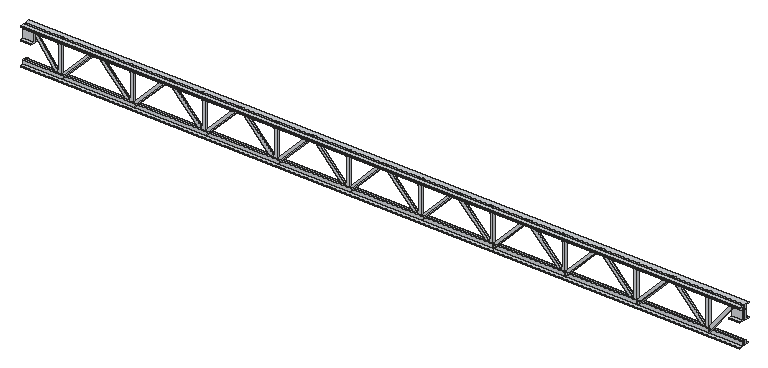
Revit family
Parameters (values of type "508BG")
  웹 두께 = 25 mm
  수직 부재 가시성 = yes
  시작 간격띄우기 [instance] = 0 mm
  상단 현재 시작 확장 [instance] = 0 mm
  SpaceNum [instance] = 2 * HalfSpaceNum  # 20
  좌석 길이 = 150 mm
  좌석 깊이 [instance] = 190 mm
  렌더링 재료 = none
  PanelWidth [instance] = Length / SpaceNum  # 500 mm
  PanelArrayNum 2 [instance] = 절반 패널 배열 번호 - 1  # 8
  PanelArrayNum 1 [instance] = 절반 패널 배열 번호  # 9
  PanelArrayNum [instance] = SpaceNum - 3  # 17
  Panel Point Load [instance] = 18.00 kN
  간격띄우기 길이 2 [instance] = 끝 패널 - 끝 간격띄우기 + 하단 현재 끝 확장  # 500 mm
  간격띄우기 길이 1 [instance] = 끝 패널 - 시작 간격띄우기 + 하단 현재 시작 확장  # 500 mm
  HalfSpaceNum [instance] = 10
  Girder Type = "BG"
  Depth = 508 mm
  하단 현재 시작 확장 [instance] = 0 mm
  하단 현재 끝 확장 [instance] = 0 mm
  절반 패널 배열 번호 [instance] = PanelArrayNum / 2  # 9
  끝 패널 [instance] = PanelWidth  # 500 mm
  끝 간격띄우기 [instance] = 0 mm
  상단 현재 끝 확장 [instance] = 0 mm
  현재 다리 = 63.5 mm
  현재 두께 = 12.5 mm
  Assembly Code = "B1010350"
  Length [instance] = 10000 mm
Reference planes
  plane 1 "중심(앞/뒤)": y = 0
  plane 2: z = 0
  plane 3 "중심(왼쪽/오른쪽)": x = 458.446
  plane 4 "왼쪽 부재": x = -3551.39
  plane 5 "오른쪽 부재": x = 3560.61
  plane 6: y = 76
  plane 7: y = -76
  plane 8: z = 254
  plane 9: z = -254
  plane 10 "왼쪽": x = -4541.554
  plane 11 "기호를 왼쪽에 부착": x = -3500.59
  plane 12 "기호를 오른쪽에 부착": x = 3509.81
  plane 13 "오른쪽": x = 5458.446
  plane 14: z = 64
  plane 15: x = -4391.554
  plane 16: x = -4041.554
  plane 17: x = 5308.446
  plane 18: x = 4958.446
  plane 19: y = 12.5
  plane 20: y = -12.5
  plane 21: z = 190.5
  plane 22: z = -190.5
  plane 23: z = -247.65
  plane 24: z = 247.65
  plane 25: x = -4541.554
  plane 26: x = 5458.446
  plane 27: x = -4541.554
  plane 28: x = 5458.446
  plane 29: x = 4458.446
  plane 30: x = 3958.446
  plane 31: x = -3541.554
  plane 32: x = -3041.554
  plane 33: x = -2541.554
  plane 34: x = -4541.554
  plane 35: x = 5458.446
Forms (mm)
  Extrusion 1, solid, material <- "렌더링 재료", detail levels medium+fine
    sketch origin (458.446, 0, 0) x (0, 1, 0) y (0, 0, 1)
      loop
        line (76, 254) -> (12.5, 254) -> (12.5, 190.5) -> (25, 190.5) -> (25, 241.5) -> (76, 241.5) -> (76, 254)
      loop
        line (-76, 254) -> (-76, 241.5) -> (-25, 241.5) -> (-25, 190.5) -> (-12.5, 190.5) -> (-12.5, 254) -> (-76, 254)
    from -5000 to 5000
  Extrusion 2, solid, material <- "렌더링 재료", detail levels medium+fine
    sketch origin (458.446, 0, 0) x (0, 1, 0) y (0, 0, 1)
      loop
        line (12.5, -190.5) -> (12.5, -254) -> (76, -254) -> (76, -241.5) -> (25, -241.5) -> (25, -190.5) -> (12.5, -190.5)
      loop
        line (-12.5, -190.5) -> (-25, -190.5) -> (-25, -241.5) -> (-76, -241.5) -> (-76, -254) -> (-12.5, -254) -> (-12.5, -190.5)
    from -5000 to 5000
  Extrusion 3, solid, material <- "렌더링 재료", detail levels medium+fine
    sketch origin (458.446, 0, 0) x (0, 1, 0) y (0, 0, 1)
      loop
        line (76, 64) -> (76, 76.5) -> (25, 76.5) -> (25, 190.5) -> (12.5, 190.5) -> (12.5, 64) -> (76, 64)
      loop
        line (-76, 64) -> (-12.5, 64) -> (-12.5, 190.5) -> (-25, 190.5) -> (-25, 76.5) -> (-76, 76.5) -> (-76, 64)
    from 4850 to 5000
  Extrusion 4, solid, material <- "렌더링 재료", detail levels medium+fine
    sketch origin (458.446, 0, 0) x (0, 1, 0) y (0, 0, 1)
      loop
        line (-76, 64) -> (-12.5, 64) -> (-12.5, 190.5) -> (-25, 190.5) -> (-25, 76.5) -> (-76, 76.5) -> (-76, 64)
      loop
        line (12.5, 64) -> (76, 64) -> (76, 76.5) -> (25, 76.5) -> (25, 190.5) -> (12.5, 190.5) -> (12.5, 64)
    from -5000 to -4850
  Sweep 5, solid, material <- "렌더링 재료", detail levels fine
    path in 3D
      loop
        line (4958.446, 0, -247.65) -> (5308.446, 0, 190.5)
    profile "웹-프로파일 : 웹-프로파일" origin (5133.446, 0, -28.575) x (-0.781321, 0, 0.624129) y (0, -1, 0)
      loop
        line (-25.4, 18.85) -> (-25.4, 6.15) -> (25.4, 6.15) -> (25.4, 18.85) -> (-25.4, 18.85)
  Sweep 6, solid, material <- "렌더링 재료", detail levels fine
    path in 3D
      loop
        line (-4391.554, 0, 190.5) -> (-4041.554, 0, -247.65)
    profile "웹-프로파일 : 웹-프로파일" origin (-4216.554, 0, -28.575) x (0.781321, 0, 0.624129) y (0, -1, 0)
      loop
        line (-25.4, 6.35) -> (-25.4, -6.35) -> (25.4, -6.35) -> (25.4, 6.35) -> (-25.4, 6.35)
Lines and regions (mm)
  symbolic lines, style "StructuralFraming", detail levels coarse
    curve 1: line (0, 76, 254) -> (0, 12.5, 254)
    curve 2: line (0, -76, -254) -> (0, -12.5, -254)
    curve 12: line (0, 12.5, -254) -> (0, 76, -254)
    curve 13: line (458.446, 12.5, -254) -> (458.446, 12.5, -190.5)
    curve 14: line (458.446, -12.5, -254) -> (458.446, -12.5, -190.5)
    curve 15: line (458.446, -12.5, 254) -> (458.446, -12.5, 190.5)
    curve 16: line (458.446, 12.5, 254) -> (458.446, 12.5, 190.5)
    curve 17: line (0, -12.5, 254) -> (0, -76, 254)
  symbolic lines, style "StructuralFraming", detail levels coarse+medium
    curve 3: line (0, 0, -254) -> (0, 0, 254)
  reference lines
    curve 4: line (-3350.59, 0, -377.508) -> (-3350.59, 0, 333.692)
    curve 5: line (-2850.59, 0, -383.858) -> (-2850.59, 0, 333.692)
    curve 6: line (3359.81, 0, -324.588) -> (3359.81, 0, 335.812)
    curve 7: line (2859.81, 0, -451.588) -> (2859.81, 0, 335.812)
  model lines, style "조이스트 대들보", detail levels coarse
    curve 8: line (2859.81, 0, -254) -> (-2850.59, 0, -254)
    curve 9: line (3509.81, 0, 254) -> (-3500.59, 0, 254)
  model lines, style "StructuralFraming", detail levels medium
    curve 10: line (-4391.554, 0, 190.5) -> (-4041.554, 0, -247.65)
    curve 11: line (4958.446, 0, -247.65) -> (5308.446, 0, 190.5)
  model lines, style "웹 조이스트", detail levels coarse
    curve 18: line (-2850.59, 0, -254) -> (-3350.59, 0, 254)
    curve 19: line (2859.81, 0, -254) -> (3359.81, 0, 254)
  sketch lines
    curve 20: line (4958.446, 0, -247.65) -> (5308.446, 0, 190.5)
    curve 21: line (-4391.554, 0, 190.5) -> (-4041.554, 0, -247.65)
  symbolic lines, detail levels fine
    curve 22: line (458.446, 12.5, 247.65) -> (458.446, -12.5, 247.65)
    curve 23: line (458.446, 12.5, -247.65) -> (458.446, -12.5, -247.65)
    curve 24: line (458.446, 12.5, -190.5) -> (458.446, 12.5, 190.5)
    curve 25: line (458.446, -12.5, -190.5) -> (458.446, -12.5, 190.5)
Dimensions and locks
  equal spacing: plane 9, plane 2, plane 8
  "Length": plane 10 "왼쪽" to plane 13 "오른쪽"
  equal spacing: plane 10 "왼쪽", plane 3 "중심(왼쪽/오른쪽)", plane 13 "오른쪽"
  "좌석 길이": curve 4 to plane 11 "기호를 왼쪽에 부착"
  "끝 패널": curve 5 to curve 4
  "좌석 길이": curve 6 to plane 12 "기호를 오른쪽에 부착"
  "끝 패널": curve 6 to curve 7
  "Depth": plane 9 to plane 8
  "좌석 깊이": plane 8 to plane 14
  "끝 패널": plane 10 "왼쪽" to plane 16
  "끝 패널": plane 13 "오른쪽" to plane 18
  "웹 두께": plane 19 to plane 20
  equal spacing: plane 19, plane 1 "중심(앞/뒤)", plane 20
  "현재 다리": plane 20 to plane 7
  "현재 다리": plane 6 to plane 19
  "현재 다리": plane 9 to plane 22
  "현재 다리": plane 21 to plane 8
  "현재 두께": plane 8 to Extrusion 1 sketch curve
  "현재 두께": Extrusion 1 sketch curve to plane 8
  "현재 두께": plane 20 to Extrusion 1 sketch curve
  "현재 두께": Extrusion 1 sketch curve to plane 19
  "현재 두께": plane 9 to Extrusion 2 sketch curve  (x2)
  "현재 두께": Extrusion 2 sketch curve to plane 19
  "현재 두께": plane 20 to Extrusion 2 sketch curve
  "현재 두께": plane 14 to Extrusion 3 sketch curve  (x2)
  "현재 두께": plane 20 to Extrusion 3 sketch curve
  "현재 두께": Extrusion 3 sketch curve to plane 19
  "현재 두께": plane 14 to Extrusion 4 sketch curve  (x2)
  "현재 두께": Extrusion 4 sketch curve to plane 19
  "현재 두께": plane 20 to Extrusion 4 sketch curve
  locked: plane 23 to plane 9 at 6.35
  locked: plane 8 to plane 24 at 6.35
  "시작 간격띄우기": plane 10 "왼쪽" to plane 27
  "좌석 길이": plane 27 to plane 15
  "상단 현재 시작 확장": plane 25 to plane 27
  "끝 간격띄우기": plane 28 to plane 13 "오른쪽"
  "좌석 길이": plane 17 to plane 28
  "상단 현재 끝 확장": plane 28 to plane 26
  "PanelWidth": plane 18 to plane 29
  "PanelWidth": plane 29 to plane 30
  "PanelWidth": plane 16 to plane 31
  "PanelWidth": plane 32 to plane 31
  "PanelWidth": plane 33 to plane 32
  equal spacing: group 1, group 2, group 5, group 6, group 7, group 8, group 9, group 10, group 11  (x3)
  equal spacing: group 3, group 4, group 12, group 13, group 14, group 15, group 16, group 17  (x3)
  "간격띄우기 길이 1": plane 16 to plane 34
  "간격띄우기 길이 2": plane 35 to plane 18
  aligned and locked: curve 8 to plane 9
  aligned and locked: curve 9 to plane 8
  aligned and locked: plane 11 "기호를 왼쪽에 부착" to curve 9
  aligned and locked: curve 5 to curve 8
  aligned and locked: curve 7 to curve 8
  aligned and locked: plane 8 to Extrusion 1 sketch curve
  aligned and locked: Extrusion 1 sketch curve to plane 8
  aligned and locked: plane 6 to Extrusion 1 sketch curve
  aligned and locked: plane 7 to Extrusion 1 sketch curve
  aligned and locked: Extrusion 1 sketch curve to plane 21
  aligned and locked: plane 21 to Extrusion 1 sketch curve
  aligned and locked: plane 9 to Extrusion 2 sketch curve
  aligned and locked: Extrusion 2 sketch curve to plane 9
  aligned and locked: plane 6 to Extrusion 2 sketch curve
  aligned and locked: plane 7 to Extrusion 2 sketch curve
  aligned and locked: plane 19 to Extrusion 2 sketch curve
  aligned and locked: plane 20 to Extrusion 2 sketch curve
  aligned and locked: Extrusion 2 sketch curve to plane 22
  aligned and locked: plane 22 to Extrusion 2 sketch curve
  aligned and locked: Extrusion 3 sketch curve to plane 7
  aligned and locked: plane 14 to Extrusion 3 sketch curve
  aligned and locked: Extrusion 3 sketch curve to plane 14
  aligned and locked: Extrusion 3 sketch curve to plane 6
  aligned and locked: Extrusion 3 sketch curve to plane 20
  aligned and locked: Extrusion 3 sketch curve to plane 19
  aligned and locked: Extrusion 3 sketch curve to plane 21
  aligned and locked: plane 21 to Extrusion 3 sketch curve
  aligned and locked: Extrusion 3 to plane 17
  aligned and locked: plane 6 to Extrusion 4 sketch curve
  aligned and locked: Extrusion 4 sketch curve to plane 7
  aligned and locked: Extrusion 4 sketch curve to plane 19
  aligned and locked: plane 20 to Extrusion 4 sketch curve
  aligned and locked: plane 21 to Extrusion 4 sketch curve  (x2)
  aligned and locked: Extrusion 4 sketch curve to plane 14  (x2)
  aligned and locked: plane 15 to Extrusion 4
  aligned and locked: Extrusion 2 to curve 13
  aligned and locked: curve 13 to Extrusion 2
  aligned and locked: curve 2 to curve 14
  aligned and locked: curve 14 to Extrusion 2
  aligned and locked: Extrusion 1 to curve 15
  aligned and locked: curve 15 to Extrusion 1
  aligned and locked: curve 16 to Extrusion 1  (x2)
  aligned and locked: curve 1 to Extrusion 1
  aligned and locked: plane 12 "기호를 오른쪽에 부착" to curve 9
  aligned and locked: curve 11 to Extrusion 3
  aligned and locked: curve 4 to curve 18
  aligned and locked: curve 6 to curve 19
  aligned and locked: plane 25 to Extrusion 1
  aligned and locked: Extrusion 3 to plane 26
  aligned and locked: Extrusion 1 to plane 26
  aligned and locked: plane 25 to Extrusion 4
  aligned and locked: plane 15 to curve 10
  aligned and locked: Extrusion 1 to curve 10
  aligned and locked: plane 17 to curve 11
  aligned and locked: plane 16 to curve 10
  aligned and locked: plane 23 to curve 10
  aligned and locked: nested 1 to plane 16
  aligned and locked: plane 1 "중심(앞/뒤)" to nested 1
  aligned and locked: nested 2 to plane 31
  aligned and locked: plane 9 to nested 2
  aligned and locked: nested 2 to plane 1 "중심(앞/뒤)"
  aligned and locked: plane 18 to curve 11
  aligned and locked: plane 23 to curve 11
  aligned and locked: nested 1 to plane 8
  aligned and locked: nested 3 to plane 8
  aligned and locked: plane 32 to nested 3
  aligned and locked: nested 4 to plane 8
  aligned and locked: plane 33 to nested 4
  aligned and locked: Extrusion 2 to plane 34
  aligned and locked: plane 35 to Extrusion 2
  aligned and locked: nested 18 to plane 1 "중심(앞/뒤)"
  aligned and locked: plane 29 to nested 18
  aligned and locked: nested 18 to plane 8
Automatic sketch dimensions
  Extrusion 1 sketch curve to plane 20 = 0 mm
  Extrusion 1 sketch curve to plane 19 = 0 mm
  curve 12 to plane 6 = 0 mm
  curve 1 to plane 6 = 0 mm
  curve 12 to plane 9 = 0 mm
  curve 12 to plane 19 = 0 mm
  curve 1 to plane 19 = 0 mm
  curve 17 to plane 8 = 0 mm
  curve 17 to plane 20 = 0 mm
  curve 17 to plane 7 = 0 mm
  plane 9 to curve 7 = 197.588 mm
  plane 9 to curve 5 = 129.858 mm
  plane 9 to curve 4 = 123.508 mm
  plane 9 to curve 6 = 70.588 mm
  curve 5 to plane 8 = 79.692 mm
  curve 4 to plane 8 = 79.692 mm
  curve 7 to plane 8 = 81.812 mm
  curve 6 to plane 8 = 81.812 mm
  curve 2 to plane 7 = 0 mm
  curve 2 to plane 9 = 0 mm
  curve 2 to plane 20 = 0 mm
  curve 3 to plane 1 "중심(앞/뒤)" = 0 mm
  curve 3 to plane 9 = 0 mm
  curve 23 to plane 23 = 0 mm
  curve 25 to plane 22 = 0 mm
  curve 24 to plane 22 = 0 mm
  curve 16 to plane 21 = 0 mm
  curve 15 to plane 21 = 0 mm
  curve 22 to plane 24 = 0 mm
  curve 3 to plane 8 = 0 mm
Nested families
  nested 1: "BG 경사 웨브 1" at (-4041.554, 0, 0), type "BG 경사 웨브 1"
    with 웹 두께 12.5 mm, 두께 25 mm, PanelHeight 508 mm, PanelWidth 500 mm
  nested 2: "BG 경사 웨브 2" at (-3041.554, 0, 0) x (-1, 0, 0) z (0, 0, 1), type "BG 경사 웨브 2"
    with 웹 두께 12.5 mm, 두께 25 mm, PanelHeight 508 mm, PanelWidth 500 mm
  nested 3: "BG 경사 웨브 1" at (-3041.554, 0, 0), type "BG 경사 웨브 1"
    with 웹 두께 12.5 mm, 두께 25 mm, PanelHeight 508 mm, PanelWidth 500 mm
  nested 4: "BG 경사 웨브 2" at (-2041.554, 0, 0) x (-1, 0, 0) z (0, 0, 1), type "BG 경사 웨브 2"
    with 웹 두께 12.5 mm, 두께 25 mm, PanelHeight 508 mm, PanelWidth 500 mm
  nested 5: "BG 경사 웨브 1" at (-2041.554, 0, 0), type "BG 경사 웨브 1"
    with 웹 두께 12.5 mm, 두께 25 mm, PanelHeight 508 mm, PanelWidth 500 mm
  nested 6: "BG 경사 웨브 1" at (-1041.554, 0, 0), type "BG 경사 웨브 1"
    with 웹 두께 12.5 mm, 두께 25 mm, PanelHeight 508 mm, PanelWidth 500 mm
  nested 7: "BG 경사 웨브 1" at (-41.554, 0, 0), type "BG 경사 웨브 1"
    with 웹 두께 12.5 mm, 두께 25 mm, PanelHeight 508 mm, PanelWidth 500 mm
  nested 8: "BG 경사 웨브 1" at (958.446, 0, 0), type "BG 경사 웨브 1"
    with 웹 두께 12.5 mm, 두께 25 mm, PanelHeight 508 mm, PanelWidth 500 mm
  nested 9: "BG 경사 웨브 1" at (1958.446, 0, 0), type "BG 경사 웨브 1"
    with 웹 두께 12.5 mm, 두께 25 mm, PanelHeight 508 mm, PanelWidth 500 mm
  nested 10: "BG 경사 웨브 1" at (2958.446, 0, 0), type "BG 경사 웨브 1"
    with 웹 두께 12.5 mm, 두께 25 mm, PanelHeight 508 mm, PanelWidth 500 mm
  nested 11: "BG 경사 웨브 1" at (3958.446, 0, 0), type "BG 경사 웨브 1"
    with 웹 두께 12.5 mm, 두께 25 mm, PanelHeight 508 mm, PanelWidth 500 mm
  nested 12: "BG 경사 웨브 2" at (-1041.554, 0, 0) x (-1, 0, 0) z (0, 0, 1), type "BG 경사 웨브 2"
    with 웹 두께 12.5 mm, 두께 25 mm, PanelHeight 508 mm, PanelWidth 500 mm
  nested 13: "BG 경사 웨브 2" at (-41.554, 0, 0) x (-1, 0, 0) z (0, 0, 1), type "BG 경사 웨브 2"
    with 웹 두께 12.5 mm, 두께 25 mm, PanelHeight 508 mm, PanelWidth 500 mm
  nested 14: "BG 경사 웨브 2" at (958.446, 0, 0) x (-1, 0, 0) z (0, 0, 1), type "BG 경사 웨브 2"
    with 웹 두께 12.5 mm, 두께 25 mm, PanelHeight 508 mm, PanelWidth 500 mm
  nested 15: "BG 경사 웨브 2" at (1958.446, 0, 0) x (-1, 0, 0) z (0, 0, 1), type "BG 경사 웨브 2"
    with 웹 두께 12.5 mm, 두께 25 mm, PanelHeight 508 mm, PanelWidth 500 mm
  nested 16: "BG 경사 웨브 2" at (2958.446, 0, 0) x (-1, 0, 0) z (0, 0, 1), type "BG 경사 웨브 2"
    with 웹 두께 12.5 mm, 두께 25 mm, PanelHeight 508 mm, PanelWidth 500 mm
  nested 17: "BG 경사 웨브 2" at (3958.446, 0, 0) x (-1, 0, 0) z (0, 0, 1), type "BG 경사 웨브 2"
    with 웹 두께 12.5 mm, 두께 25 mm, PanelHeight 508 mm, PanelWidth 500 mm
  nested 18: "BG 경사 웨브-오른쪽" at (4958.446, 0, 0) x (-1, 0, 0) z (0, 0, 1), type "BG 경사 웨브-오른쪽"
    with PanelWidth 500 mm
Definition of nested family "BG 경사 웨브 1"
  Parameters (values of type "BG 경사 웨브-오른쪽")
    웹 재료 = none
    웹 두께 = 두께 / 2  # 12.7 mm
    웹 간격띄우기 = 웹 다리 / 2  # 25.4 mm
    웹 다리 = 50.8 mm
    수직 부재 가시성 = yes
    두께 = 25.4 mm
    PanelHeight = 406.4 mm
    PanelWidth = 914.4 mm
    Assembly Code = ""
  Reference planes
    plane 1 "중심(앞/뒤)": y = 0
    plane 2: z = 0
    plane 3 "중심(왼쪽/오른쪽)": x = 0
    plane 4: x = 914.4
    plane 5: z = -203.2
    plane 6: z = -177.8
    plane 7: z = 177.8
    plane 8: z = 203.2
    plane 9: y = -12.7
    plane 10: y = 12.7
    plane 11: z = 139.7
    plane 12: z = -139.7
  Forms (mm)
    Sweep 1, solid, material <- "웹 재료", detail levels fine
      path in 3D
        loop
          line (0, 0, -177.8) -> (25.4, 0, -177.8) -> (889, 0, 177.8) -> (914.4, 0, 177.8)
      profile origin (12.7, 0, -177.8) x (0, 0, 1) y (0, -1, 0)
        loop
          line (25.4, 0) -> (25.4, 12.7) -> (-25.4, 12.7) -> (-25.4, 0) -> (25.4, 0)
    Sweep 2, solid, material <- "웹 재료", detail levels fine
      path in 3D
        loop
          line (113.463, -12.7, -169.008) -> (877.417, -12.7, 145.562)
      profile origin (495.44, -12.7, -11.723) x (-0.38075, 0, 0.924678) y (0, -1, 0)
        loop
          line (0, 0) -> (12.7, 0) -> (12.7, 38.1) -> (0, 38.1) -> (0, 0)
    Sweep 3, solid, material <- "웹 재료", visible <- "수직 부재 가시성", detail levels fine
      path origin (0, 0, 0) x (1, 0, 0) y (0, 1, 0)
        loop
          line (0, 12.7) -> (0, -12.7)
      profile origin (0, 0, 0) x (1, 0, 0) y (0, 0, 1)
        loop
          line (-25.4, 203.2) -> (-25.4, 120.65) -> (-14.287, 109.538) -> (-14.288, -109.538) -> (-25.4, -120.65) -> (-25.4, -203.2) -> (25.4, -203.2) -> (25.4, 203.2) -> (-25.4, 203.2)
  Cuts and joins
    joined: Sweep 1, Sweep 2
  Lines and regions (mm)
    model lines, style "InvisibleLines"
      curve 1: line (0, 0, -203.2) -> (0, 0, 203.2)
      curve 2: line (0, 0, 203.2) -> (914.4, 0, 203.2)
      curve 3: line (914.4, 0, 203.2) -> (914.4, 0, -203.2)
      curve 4: line (914.4, 0, -203.2) -> (0, 0, -203.2)
    model lines, style "StructuralFraming", detail levels medium
      curve 5: line (889, 0, 177.8) -> (914.4, 0, 177.8)
      curve 6: line (0, 0, -177.8) -> (25.4, 0, -177.8)
      curve 7: line (25.4, 0, -177.8) -> (889, 0, 177.8)
    sketch lines
      curve 8: line (0, 0, -177.8) -> (25.4, 0, -177.8)
      curve 9: line (25.4, 0, -177.8) -> (889, 0, 177.8)
      curve 10: line (889, 0, 177.8) -> (914.4, 0, 177.8)
      curve 11: line (113.463, -12.7, -169.008) -> (877.417, -12.7, 145.562)
    model lines, visible <- "수직 부재 가시성", detail levels medium
      curve 12: line (0, 0, 203.2) -> (0, 0, -203.2)
  Dimensions and locks
    plane 6 to plane 5 = 25.4 mm
    "두께": plane 8 to plane 7
    "PanelHeight": plane 8 to plane 5
    equal spacing: plane 8, plane 2, plane 5
    "두께": plane 10 to plane 9
    equal spacing: plane 10, plane 1 "중심(앞/뒤)", plane 9
    locked: plane 8 to plane 11 at 63.5
    plane 12 to plane 5 = 63.5 mm
    "웹 간격띄우기": plane 6 to plane 5
    "웹 간격띄우기": curve 6 to plane 3 "중심(왼쪽/오른쪽)"
    "웹 간격띄우기": curve 5 to plane 4
    "웹 다리": Sweep 1 sketch curve to Sweep 1 sketch curve
    equal spacing: Sweep 1 sketch curve, plane 6, Sweep 1 sketch curve
    "웹 다리": plane 1 "중심(앞/뒤)" to Sweep 2 sketch curve
    "웹 두께": Sweep 2 sketch curve to Sweep 2 sketch curve
    "PanelWidth": plane 4 to plane 3 "중심(왼쪽/오른쪽)"
    equal spacing: Sweep 3 sketch curve, plane 3 "중심(왼쪽/오른쪽)", Sweep 3 sketch curve
    "웹 다리": Sweep 3 sketch curve to Sweep 3 sketch curve  (x2)
    locked: Sweep 3 sketch curve to Sweep 3 sketch curve at 82.55  (x2)
    locked: Sweep 3 sketch curve to Sweep 3 sketch curve at 11.112
    equal spacing: Sweep 3 sketch curve, plane 2, Sweep 3 sketch curve
    locked: Sweep 3 sketch curve to Sweep 3 sketch curve (angle 45.00°)  (x2)
    aligned and locked: plane 7 to curve 5
    aligned and locked: plane 6 to curve 6
    aligned and locked: Sweep 1 sketch curve to plane 9
    aligned and locked: Sweep 1 sketch curve to plane 1 "중심(앞/뒤)"
    aligned and locked: Sweep 1 to curve 11
    aligned and locked: Sweep 2 sketch curve to profile plane
    aligned and locked: plane 9 to Sweep 2 sketch curve
    aligned and locked: plane 4 to curve 5
    aligned and locked: plane 4 to curve 3
    aligned and locked: plane 3 "중심(왼쪽/오른쪽)" to curve 1
    aligned and locked: curve 4 to plane 5
    aligned and locked: Sweep 3 sketch curve to plane 3 "중심(왼쪽/오른쪽)"
    aligned and locked: plane 10 to Sweep 3 sketch curve
    aligned and locked: plane 9 to Sweep 3 sketch curve
    aligned and locked: curve 12 to plane 3 "중심(왼쪽/오른쪽)"
    aligned and locked: plane 8 to curve 12
    aligned and locked: plane 5 to curve 12
    aligned and locked: Sweep 3 sketch curve to plane 8
    aligned and locked: Sweep 3 sketch curve to plane 5
Definition of nested family "BG 경사 웨브 2"
  Parameters (values of type "BG 경사 웨브")
    웹 재료 = none
    웹 두께 = 두께 / 2  # 12.7 mm
    웹 간격띄우기 = 웹 다리 / 2  # 25.4 mm
    웹 다리 = 50.8 mm
    두께 = 25.4 mm
    PanelHeight = 406.4 mm
    PanelWidth = 914.4 mm
    Assembly Code = ""
  Reference planes
    plane 1 "중심(앞/뒤)": y = 0
    plane 2: z = 0
    plane 3 "중심(왼쪽/오른쪽)": x = 0
    plane 4: x = 914.4
    plane 5: z = -203.2
    plane 6: z = -177.8
    plane 7: z = 177.8
    plane 8: z = 203.2
    plane 9: y = -12.7
    plane 10: y = 12.7
    plane 11: z = 139.7
    plane 12: z = -139.7
  Forms (mm)
    Sweep 1, solid, material <- "웹 재료", detail levels fine
      path in 3D
        loop
          line (0, 0, -177.8) -> (25.4, 0, -177.8) -> (889, 0, 177.8) -> (914.4, 0, 177.8)
      profile origin (12.7, 0, -177.8) x (0, 0, 1) y (0, -1, 0)
        loop
          line (25.4, 0) -> (25.4, 12.7) -> (-25.4, 12.7) -> (-25.4, 0) -> (25.4, 0)
    Sweep 2, solid, material <- "웹 재료", detail levels fine
      path in 3D
        loop
          line (113.463, -12.7, -169.008) -> (877.417, -12.7, 145.562)
      profile origin (495.44, -12.7, -11.723) x (-0.38075, 0, 0.924678) y (0, -1, 0)
        loop
          line (0, 0) -> (12.7, 0) -> (12.7, 38.1) -> (0, 38.1) -> (0, 0)
  Cuts and joins
    joined: Sweep 1, Sweep 2
  Lines and regions (mm)
    model lines, style "InvisibleLines"
      curve 1: line (0, 0, -203.2) -> (0, 0, 203.2)
      curve 2: line (0, 0, 203.2) -> (914.4, 0, 203.2)
      curve 3: line (914.4, 0, 203.2) -> (914.4, 0, -203.2)
      curve 4: line (914.4, 0, -203.2) -> (0, 0, -203.2)
    model lines, style "StructuralFraming", detail levels medium
      curve 5: line (889, 0, 177.8) -> (914.4, 0, 177.8)
      curve 6: line (0, 0, -177.8) -> (25.4, 0, -177.8)
      curve 7: line (25.4, 0, -177.8) -> (889, 0, 177.8)
    sketch lines
      curve 8: line (0, 0, -177.8) -> (25.4, 0, -177.8)
      curve 9: line (25.4, 0, -177.8) -> (889, 0, 177.8)
      curve 10: line (889, 0, 177.8) -> (914.4, 0, 177.8)
      curve 11: line (113.463, -12.7, -169.008) -> (877.417, -12.7, 145.562)
  Dimensions and locks
    plane 6 to plane 5 = 25.4 mm
    "두께": plane 8 to plane 7
    "PanelHeight": plane 8 to plane 5
    equal spacing: plane 8, plane 2, plane 5
    "두께": plane 10 to plane 9
    equal spacing: plane 10, plane 1 "중심(앞/뒤)", plane 9
    locked: plane 8 to plane 11 at 63.5
    plane 12 to plane 5 = 63.5 mm
    "웹 간격띄우기": plane 6 to plane 5
    "웹 간격띄우기": curve 6 to plane 3 "중심(왼쪽/오른쪽)"
    "웹 간격띄우기": curve 5 to plane 4
    "웹 다리": Sweep 1 sketch curve to Sweep 1 sketch curve
    equal spacing: Sweep 1 sketch curve, plane 6, Sweep 1 sketch curve
    "웹 다리": plane 1 "중심(앞/뒤)" to Sweep 2 sketch curve
    "웹 두께": Sweep 2 sketch curve to Sweep 2 sketch curve
    "PanelWidth": plane 4 to plane 3 "중심(왼쪽/오른쪽)"
    aligned and locked: plane 7 to curve 5
    aligned and locked: plane 6 to curve 6
    aligned and locked: plane 8 to curve 2
    aligned and locked: Sweep 1 sketch curve to plane 9
    aligned and locked: Sweep 1 sketch curve to plane 1 "중심(앞/뒤)"
    aligned and locked: Sweep 1 to curve 11
    aligned and locked: Sweep 2 sketch curve to profile plane
    aligned and locked: plane 9 to Sweep 2 sketch curve
    aligned and locked: plane 4 to curve 5
    aligned and locked: plane 4 to curve 3
    aligned and locked: plane 3 "중심(왼쪽/오른쪽)" to curve 1
    aligned and locked: curve 4 to plane 5
Definition of nested family "BG 경사 웨브-오른쪽"
  Parameters (values of type "BG 경사 웨브-오른쪽")
    웹 재료 = none
    웹 두께 = 두께 / 2  # 12.5 mm
    웹 간격띄우기 = 웹 다리 / 2  # 25.4 mm
    웹 다리 = 50.8 mm
    수직 부재 가시성 = yes
    두께 = 25 mm
    PanelHeight = 508 mm
    PanelWidth = 750 mm
    Assembly Code = ""
  Reference planes
    plane 1 "중심(앞/뒤)": y = 0
    plane 2: z = 0
    plane 3 "중심(왼쪽/오른쪽)": x = 0
    plane 4: x = 750
    plane 5: z = -254
    plane 6: z = -228.6
    plane 7: z = 229
    plane 8: z = 254
    plane 9: y = -12.5
    plane 10: y = 12.5
    plane 11: z = 190.5
    plane 12: z = -190.5
  Forms (mm)
    Sweep 1, solid, material <- "웹 재료", detail levels fine
      path in 3D
        loop
          line (0, 0, -228.6) -> (25.4, 0, -228.6) -> (724.6, 0, 229) -> (750, 0, 229)
      profile origin (12.7, 0, -228.6) x (0, 0, 1) y (0, -1, 0)
        loop
          line (25.4, 0) -> (25.4, 12.5) -> (-25.4, 12.5) -> (-25.4, 0) -> (25.4, 0)
    Sweep 2, solid, material <- "웹 재료", detail levels fine
      path in 3D
        loop
          line (108.114, -12.5, -204.823) -> (717.145, -12.5, 193.765)
      profile origin (412.629, -12.5, -5.529) x (-0.54761, 0, 0.836733) y (0, -1, 0)
        loop
          line (0, 0) -> (12.5, 0) -> (12.5, 38.3) -> (0, 38.3) -> (0, 0)
    Sweep 3, solid, material <- "웹 재료", visible <- "수직 부재 가시성", detail levels fine
      path origin (0, 0, 0) x (1, 0, 0) y (0, 1, 0)
        loop
          line (0, 12.5) -> (0, -12.5)
      profile origin (0, 0, 0) x (1, 0, 0) y (0, 0, 1)
        loop
          line (-25.4, 254) -> (-25.4, -254) -> (25.4, -254) -> (25.4, -171.45) -> (14.287, -160.337) -> (14.287, 160.338) -> (25.4, 171.45) -> (25.4, 254) -> (-25.4, 254)
  Cuts and joins
    joined: Sweep 1, Sweep 2
  Lines and regions (mm)
    model lines, style "InvisibleLines"
      curve 1: line (0, 0, -254) -> (0, 0, 254)
      curve 2: line (0, 0, 254) -> (750, 0, 254)
      curve 3: line (750, 0, 254) -> (750, 0, -254)
      curve 4: line (750, 0, -254) -> (0, 0, -254)
    model lines, style "StructuralFraming", detail levels medium
      curve 5: line (724.6, 0, 229) -> (750, 0, 229)
      curve 6: line (0, 0, -228.6) -> (25.4, 0, -228.6)
      curve 7: line (25.4, 0, -228.6) -> (724.6, 0, 229)
    sketch lines
      curve 8: line (0, 0, -228.6) -> (25.4, 0, -228.6)
      curve 9: line (25.4, 0, -228.6) -> (724.6, 0, 229)
      curve 10: line (724.6, 0, 229) -> (750, 0, 229)
      curve 11: line (108.114, -12.5, -204.823) -> (717.145, -12.5, 193.765)
    model lines, visible <- "수직 부재 가시성", detail levels medium
      curve 12: line (0, 0, 254) -> (0, 0, -254)
  Dimensions and locks
    plane 6 to plane 5 = 25.4 mm
    "두께": plane 8 to plane 7
    "PanelHeight": plane 8 to plane 5
    equal spacing: plane 8, plane 2, plane 5
    "두께": plane 10 to plane 9
    equal spacing: plane 10, plane 1 "중심(앞/뒤)", plane 9
    locked: plane 8 to plane 11 at 63.5
    plane 12 to plane 5 = 63.5 mm
    "웹 간격띄우기": plane 6 to plane 5
    "웹 간격띄우기": curve 6 to plane 3 "중심(왼쪽/오른쪽)"
    "웹 간격띄우기": curve 5 to plane 4
    "웹 다리": Sweep 1 sketch curve to Sweep 1 sketch curve
    equal spacing: Sweep 1 sketch curve, plane 6, Sweep 1 sketch curve
    "웹 다리": plane 1 "중심(앞/뒤)" to Sweep 2 sketch curve
    "웹 두께": Sweep 2 sketch curve to Sweep 2 sketch curve
    "PanelWidth": plane 4 to plane 3 "중심(왼쪽/오른쪽)"
    equal spacing: Sweep 3 sketch curve, plane 3 "중심(왼쪽/오른쪽)", Sweep 3 sketch curve  (x2)
    "웹 다리": Sweep 3 sketch curve to Sweep 3 sketch curve
    locked: Sweep 3 sketch curve to Sweep 3 sketch curve at 82.55  (x2)
    Sweep 3 sketch curve to Sweep 3 sketch curve = 11.112 mm
    equal spacing: Sweep 3 sketch curve, plane 2, Sweep 3 sketch curve
    locked: Sweep 3 sketch curve to Sweep 3 sketch curve (angle 45.00°)  (x2)
    aligned and locked: plane 7 to curve 5
    aligned and locked: plane 6 to curve 6
    aligned and locked: plane 9 to Sweep 1 sketch curve
    aligned and locked: Sweep 1 sketch curve to plane 1 "중심(앞/뒤)"
    aligned and locked: Sweep 1 to curve 11
    aligned and locked: Sweep 2 sketch curve to profile plane
    aligned and locked: plane 9 to Sweep 2 sketch curve
    aligned and locked: plane 4 to curve 5
    aligned and locked: plane 4 to curve 3
    aligned and locked: plane 3 "중심(왼쪽/오른쪽)" to curve 1
    aligned and locked: curve 4 to plane 5
    aligned and locked: Sweep 3 sketch curve to plane 3 "중심(왼쪽/오른쪽)"
    aligned and locked: plane 10 to Sweep 3 sketch curve
    aligned and locked: plane 9 to Sweep 3 sketch curve
    aligned and locked: curve 12 to plane 3 "중심(왼쪽/오른쪽)"
    aligned and locked: plane 8 to curve 12
    aligned and locked: plane 5 to curve 12
    aligned and locked: Sweep 3 sketch curve to plane 8
    aligned and locked: Sweep 3 sketch curve to plane 5
